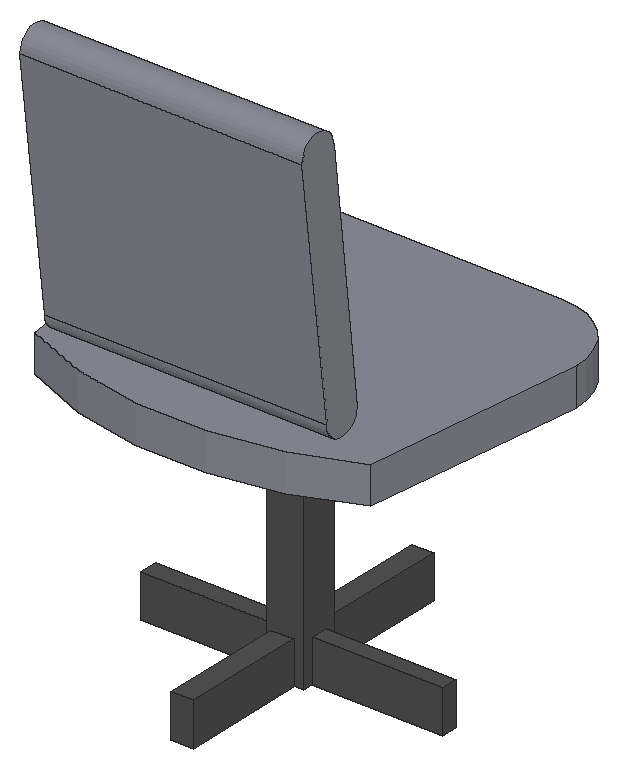
Revit family
Parameters (values of type "Desk Chair")
  Material Seat = Textile - Slate Blue
  Material Frame = Metal - Chrome
  Keynote = "N"
Reference planes
  plane 1: y = 0
  plane 2: z = 0
  plane 3: x = 0
  plane 4: z = 355.6
  plane 5 "Seat": z = 406.4
  plane 6: z = 762
  plane 7: y = 302.446
Forms (mm)
  Extrusion 1, solid, material "Textile - Slate Blue" <- "Material Seat"
    sketch origin (0, 0, 0) x (1, 0, 0) y (0, 1, 0)
      loop
        arc (-228.6, 0) -> (0, -55.074) -> (228.6, 0) r 501.968
        line (228.6, 0) -> (266.207, 302.446)
        arc (266.207, 302.446) -> (235.759, 375.953) -> (162.253, 406.4) r 103.954
        line (162.253, 406.4) -> (-152.4, 406.4)
        arc (-152.4, 406.4) -> (-230.848, 377.942) -> (-266.406, 302.446) r 109.4
        line (-266.406, 302.446) -> (-228.6, 0)
    from 355.6 to 406.4
  Extrusion 2, solid, material "Textile - Slate Blue" <- "Material Seat"
    sketch origin (0, 0, 0) x (0, 1, 0) y (0, 0, 1)
      loop
        line (25.552, 451.388) -> (-13.632, 787.4)
        arc (-13.632, 787.4) -> (-40.421, 814.188) -> (-67.209, 787.4) r 26.788
        line (-67.209, 787.4) -> (-25.4, 451.388)
        arc (-25.4, 451.388) -> (0.076, 425.912) -> (25.552, 451.388) r 25.476
    from -194.364 to 188.912
  Extrusion 3, solid, material "Metal - Chrome" <- "Material Frame"
    sketch origin (0, 0, 0) x (1, 0, 0) y (0, 1, 0)
      loop
        line (-24.476, 190.269) -> (-24.476, 139.469) -> (26.324, 139.469) -> (26.324, 190.269) -> (-24.476, 190.269)
    from 0 to 355.6
  Extrusion 4, solid, material "Metal - Chrome" <- "Material Frame"
    sketch origin (0, 0, 0) x (1, 0, 0) y (0, 1, 0)
      loop
        line (-25.862, 175.029) -> (-203.662, 175.029) -> (-203.662, 150.046) -> (-25.862, 150.046) -> (-25.862, 175.029)
      loop
        line (26.785, 175.029) -> (26.785, 152.4) -> (204.124, 152.4) -> (204.124, 175.029) -> (26.785, 175.029)
      loop
        line (14.316, 188.884) -> (14.316, 374.952) -> (-16.164, 374.952) -> (-16.164, 188.884) -> (14.316, 188.884)
      loop
        line (-16.164, 136.236) -> (-16.164, -33.251) -> (14.316, -33.251) -> (14.316, 136.236) -> (-16.164, 136.236)
    from 0 to 58.504
Lines and regions (mm)
  Masking region 1
    outline origin (0, 0, 406.4) x (0, 1, 0) y (-1, 0, 0)
      loop
        arc (0, 228.6) -> (25.021, 222.618) -> (44.514, 205.83) r 54.522
        arc (44.514, 205.83) -> (-5.074, 0) -> (44.514, -205.83) r 451.968
        arc (44.514, -205.83) -> (26.891, -222.275) -> (3.642, -228.639) r 50.332
        line (3.642, -228.639) -> (302.446, -265.793)
        arc (302.446, -265.793) -> (375.161, -235.674) -> (405.281, -162.959) r 102.835
        line (405.281, -162.959) -> (405.281, 163.571)
        arc (405.281, 163.571) -> (375.161, 236.286) -> (302.446, 266.406) r 102.835
        line (302.446, 266.406) -> (0, 228.6)
  Masking region 2
    outline origin (0, 0, 406.4) x (0, 1, 0) y (-1, 0, 0)
      loop
        arc (44.514, 205.83) -> (25.021, 222.618) -> (0, 228.6) r 54.522
        arc (0, 228.6) -> (-55.074, 0) -> (0, -228.6) r 501.968
        arc (0, -228.6) -> (25.285, -223.133) -> (44.514, -205.83) r 50.332
        arc (44.514, -205.83) -> (-5.074, 0) -> (44.514, 205.83) r 451.968
  symbolic lines, not visible
    curve 1: line (-228.6, 0, 0) -> (-266.406, 302.446, 0)
    curve 2: line (228.158, -0.226, 0) -> (265.793, 302.446, 0)
    curve 3: line (-163.571, 405.281, 0) -> (162.959, 405.281, 0)
    curve 4: arc (-266.406, 302.446, 0) -> (-236.286, 375.161, 0) -> (-163.571, 405.281, 0) r 102.835
    curve 5: arc (265.793, 302.446, 0) -> (235.674, 375.161, 0) -> (162.959, 405.281, 0) r 102.835
    curve 6: arc (-228.6, 0, 0) -> (0, -55.074, 0) -> (228.6, 0, 0) r 501.968
    curve 7: arc (-205.83, 44.514, 0) -> (0, -5.074, 0) -> (205.83, 44.514, 0) r 451.968
    curve 8: arc (205.83, 44.514, 0) -> (223.133, 25.285, 0) -> (228.6, 0, 0) r 50.332
    curve 9: arc (-228.6, 0, 0) -> (-222.618, 25.021, 0) -> (-205.83, 44.514, 0) r 54.522
Dimensions and locks
  plane 6 to plane 5 "Seat" to plane 4 to plane 2 = 355.60 mm, 50.80 mm, 355.60 mm
  Extrusion 4 sketch curve to plane 3 to Extrusion 4 sketch curve = 14.316 mm, 16.164 mm
  equal spacing: Extrusion 4 sketch curve, plane 3, Extrusion 4 sketch curve
  aligned and locked: plane 4 to Extrusion 1
  aligned and locked: Extrusion 1 to plane 5 "Seat"
  aligned and locked: Extrusion 3 to level
  aligned and locked: Extrusion 3 to plane 4
  aligned and locked: Extrusion 4 to level
  aligned and locked: curve 6 to Extrusion 1
  aligned and locked: Masking region 1 sketch curve to curve 1
  aligned and locked: Masking region 1 sketch curve to curve 4
  aligned and locked: Masking region 1 sketch curve to curve 3
  aligned and locked: Masking region 1 sketch curve to curve 5
  aligned and locked: Masking region 1 sketch curve to curve 2
  aligned and locked: Masking region 1 sketch curve to curve 7
  aligned and locked: Masking region 1 sketch curve to curve 8
  aligned and locked: Masking region 1 sketch curve to curve 9
  aligned and locked: Masking region 2 sketch curve to curve 7
  aligned and locked: Masking region 2 sketch curve to curve 8
  aligned and locked: Masking region 2 sketch curve to curve 6
  aligned and locked: Masking region 2 sketch curve to curve 9
